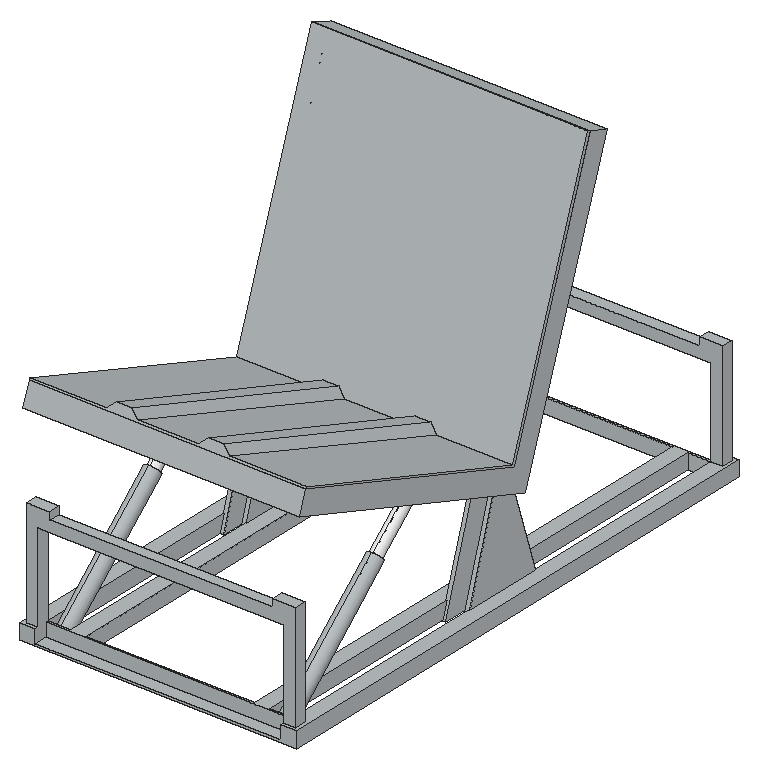
Revit family "DockEquipment_Upender_Pentalift_UE", category Specialty Equipment, Revit 2026
Family settings
  Round Connector Dimension = Use Diameter
  Part Type = Normal
  Work Plane-Based = Yes
  Enable Cutting in Views = No
  Always vertical = No
  Cut with Voids When Loaded = No
  Maintain Annotation Orientation = No
  Shared = No
  Room Calculation Point = No
Parameters
  offset [instance] = 0' - 0"
  Warranty Duration (Years) = 0
  Unit Width = 3' - 0"
  Unit Length = 6' - 0"
  URL = "http://www.pentalift.com/index.php"
  TiltVert [instance] = (1' 0" * sin(Tilt Angle)) + 1' 3"  # 1' - 7.10424"
  TiltHor [instance] = ((Unit Length / 2) - 0' 3") - (1' 0" * cos(Tilt Angle))  # 1' - 9.72369"
  Tilt Angle [instance] = 20.00°
  Specification = ""
  SpecWizard = ""
  Send Message = "http://www.arcat.com/users.pl?action=UserEmail&company=Pentalift Equipment Corp.&coid=34752&rep=119&fax=519-763-2894&mf="
  Sales Information = "http://www.pentalift.com/about-us.htm"
  Revision = "R1_01-2012"
  Product Properties = ""
  Product Data = "http://www.arcat.com/arcatcos/cos34/arc34752.html"
  Platform Width [instance] = 3' - 0"
  Platform Length [instance] = 3' - 0"
  Platform Height = 3' - 0"
  PistonLength [instance] = TiltVert / sin(PistonAngle)  # 2' - 4.92906"
  PistonAngle [instance] = atan(TiltVert / TiltHor)  # 41.329°
  Model = "As Specified"
  Material [instance] = Metal - Steel - Pentalift - Painted - Gray
  Manufacturer Website = "http://www.pentalift.com/index.php"
  Manufacturer Phone - Toll Free = ""
  Manufacturer Phone = "519-763-3625 "
  Manufacturer Fax = "519-763-2894"
  Manufacturer Address = "21 Nicholas Beaver Rd. Guelph, ON, Canada N1H 6H9 "
  Manufacturer = "Pentalift Equipment Corp."
  Maintenance Schedule (Months) = 0
  Keynote = "11160"
  Installation-Fabrication = ""
  Installation Phase = ""
  Green Building-LEED = ""
  Expected Lifespan (Years) = 0
  Drawn By = "Sumex Design, Inc. / Robert S. Weygant, CSI, CDT, SCIP"
  Description = "Pentalift Dock Equipment as Specified"
  Default Elevation = 4' - 0"
  Copyright = "©Arcat Inc."
  Construction Details = "http://www.arcat.com/details/pentalif/pentalif.html?coid=34752"
  Capacity (Weight) = 0.00 kip
  Assembly Code = "E1030300"
Reference planes (in)
  plane 1 "Center (Front/Back)": y = 0
  plane 2 "Bottom": z = 0
  plane 3 "Center (Left/Right)": x = 0
  plane 4 "Front": y = -36
  plane 5 "Back": y = 36
  plane 6 "Left": x = -18
  plane 7 "Right": x = 18
  plane 8: y = 34
  plane 9: y = -34
  plane 10: z = 2
  plane 11: z = 16
  plane 12: x = -18
  plane 13: x = 18
  plane 14: x = -11
  plane 15: x = 11
  plane 16: z = 1
  plane 17: y = -33
  plane 18: x = -14.5
  plane 19: x = 14.5
Forms (in)
  Extrusion 1, solid, material "Metal - Steel - Pentalift - Painted - Gray" <- "Material"
    sketch origin (-11.94222, 36, 48) x (-1, 0, 0) y (0, 0, 1)
      loop
        line (6.05778, -48) -> (6.05778, -46) -> (4.05778, -46) -> (4.05778, -48) -> (6.05778, -48)
      loop
        line (-29.94222, -48) -> (-27.94222, -48) -> (-27.94222, -46) -> (-29.94222, -46) -> (-29.94222, -48)
    from 0 to -72
  Extrusion 2, solid, material "Metal - Steel - Pentalift - Painted - Gray" <- "Material"
    sketch origin (-18, 16.34522, 48) x (0, 1, 0) y (0, 0, 1)
      loop
        line (-50.34522, -46) -> (-50.59522, -46) -> (-50.59522, -47.75) -> (-52.34522, -47.75) -> (-52.34522, -48) -> (-50.34522, -48) -> (-50.34522, -46)
      loop
        line (17.65478, -46) -> (17.65478, -48) -> (19.65478, -48) -> (19.65478, -47.75) -> (17.90478, -47.75) -> (17.90478, -46) -> (17.65478, -46)
    from 0 to 36
  Extrusion 3, solid, material "Metal - Steel - Pentalift - Painted - Gray" <- "Material"
    sketch origin (-38.56132, -34, 48) x (-1, 0, 0) y (0, 0, 1)
      loop
        line (-25.56132, -46) -> (-27.56132, -46) -> (-27.56132, -48) -> (-25.56132, -48) -> (-25.56132, -46)
      loop
        line (-51.56132, -46) -> (-51.56132, -48) -> (-49.56132, -48) -> (-49.56132, -46) -> (-51.56132, -46)
    from 0 to 68
  Extrusion 4, solid, material "Metal - Steel - Pentalift - Painted - Gray" <- "Material"
    sketch origin (-38.56132, -34, 48) x (-1, 0, 0) y (0, 0, 1)
      loop
        line (-21.06132, -46) -> (-21.06132, -32) -> (-24.06132, -32) -> (-24.06132, -33) -> (-53.06132, -33) -> (-53.06132, -32) -> (-56.06132, -32) -> (-56.06132, -46) -> (-54.56132, -46) -> (-54.56132, -34.5) -> (-22.56132, -34.5) -> (-22.56132, -46) -> (-21.06132, -46)
    from 0 to -1.5
  Extrusion 5, solid, material "Metal - Steel - Pentalift - Painted - Gray" <- "Material"
    sketch origin (-38.56132, 34, 48) x (-1, 0, 0) y (0, 0, 1)
      loop
        line (-21.06132, -46) -> (-21.06132, -32) -> (-24.06132, -32) -> (-24.06132, -33) -> (-53.06132, -33) -> (-53.06132, -32) -> (-56.06132, -32) -> (-56.06132, -46) -> (-54.56132, -46) -> (-54.56132, -34.5) -> (-22.56132, -34.5) -> (-22.56132, -46) -> (-21.06132, -46)
    from 0 to 1.5
  Extrusion 6, solid, material "Metal - Steel - Pentalift - Painted - Gray" <- "Material"
    sketch origin (-18, 16.34522, 48) x (0, 1, 0) y (0, 0, 1)
      loop
        arc (-15.6282, -31.78002) -> (-16.34522, -31.25) -> (-17.06223, -31.78002) r 0.75
        line (-17.06223, -31.78002) -> (-22.34522, -48) -> (-10.34522, -48) -> (-15.6282, -31.78002)
    from 2 to 2.5
  Extrusion 7, solid, material "Metal - Steel - Pentalift - Painted - Gray" <- "Material"
    sketch origin (-11, 28.23585, 48) x (0, 1, 0) y (0, 0, 1)
      loop
        arc (-27.51883, -31.78002) -> (-28.23585, -31.25) -> (-28.95286, -31.78002) r 0.75
        line (-28.95286, -31.78002) -> (-34.23585, -48) -> (-22.23585, -48) -> (-27.51883, -31.78002)
    from -2 to -2.5
  Extrusion 8, solid, material "Metal - Steel - Pentalift - Painted - Gray" <- "Material"
    sketch origin (18, 16.34522, 48) x (0, 1, 0) y (0, 0, 1)
      loop
        arc (-15.6282, -31.78002) -> (-16.34522, -31.25) -> (-17.06223, -31.78002) r 0.75
        line (-17.06223, -31.78002) -> (-22.34522, -48) -> (-10.34522, -48) -> (-15.6282, -31.78002)
    from -2 to -2.5
  Extrusion 9, solid, material "Metal - Steel - Pentalift - Painted - Gray" <- "Material"
    sketch origin (11, 26.16949, 48) x (0, 1, 0) y (0, 0, 1)
      loop
        arc (-25.45247, -31.78002) -> (-26.16949, -31.25) -> (-26.8865, -31.78002) r 0.75
        line (-26.8865, -31.78002) -> (-32.16949, -48) -> (-20.16949, -48) -> (-25.45247, -31.78002)
    from 2 to 2.5
  Revolve 10, solid, material "Metal - Steel - Pentalift - Painted - Gray" <- "Material"
    sketch origin (14.5, -33, 1) x (0, 0.75093, 0.660382) y (0, 0.660382, -0.75093)
      loop
        line (0, 0) -> (19, 0) -> (19, 1) -> (0, 1) -> (0, 0)
      axis (19, 0) -> (0, 0)
    angle from 0 to 360
  Revolve 11, solid, material "Metal - Steel - Pentalift - Painted - Gray" <- "Material"
    sketch origin (-14.5, -33, 1) x (0, 0.75093, 0.660382) y (0, 0.660382, -0.75093)
      loop
        line (0, 0) -> (19, 0) -> (19, 1) -> (0, 1) -> (0, 0)
      axis (19, 0) -> (0, 0)
    angle from 0 to 360
  Revolve 12, solid, material "Metal - Chrome - Pentalift - Polished"
    sketch origin (-14.5, -33, 1) x (0, 0.75093, 0.660382) y (0, 0.660382, -0.75093)
      loop
        line (28.92906, 0) -> (28.92906, 0.75) -> (19, 0.75) -> (19, 0) -> (28.92906, 0)
      axis (28.92906, 0) -> (19, 0)
    angle from 0 to 360
  Revolve 13, solid, material "Metal - Chrome - Pentalift - Polished"
    sketch origin (14.5, -33, 1) x (0, 0.75093, 0.660382) y (0, 0.660382, -0.75093)
      loop
        line (28.92906, 0) -> (28.92906, 0.75) -> (19, 0.75) -> (19, 0) -> (28.92906, 0)
      axis (28.92906, 0) -> (19, 0)
    angle from 0 to 360
Cuts and joins
  joined: Extrusion 1, Extrusion 2, Extrusion 3, Extrusion 4, Extrusion 5
Lines and regions (in)
  reference lines
    curve 1: line (0, 0, 16) -> (0, -23.49232, 24.5505)
    curve 2: line (14.5, -33, 1) -> (14.5, -16.29182, 15.69351)
    curve 3: line (-14.5, -33, 1) -> (-14.5, -16.29182, 15.69351)
Dimensions and locks (in)
  equal spacing: plane 6 "Left", plane 3 "Center (Left/Right)", plane 7 "Right"
  "Unit Width": plane 6 "Left" to plane 7 "Right"
  equal spacing: plane 5 "Back", plane 1 "Center (Front/Back)", plane 4 "Front"
  "Unit Length": plane 5 "Back" to plane 4 "Front"
  locked: plane 9 to plane 4 "Front" at 2
  locked: plane 5 "Back" to plane 8 at 2
  plane 10 to level = 0' - 2"
  locked: plane 11 to plane 10 at 14
  equal spacing: plane 12, plane 3 "Center (Left/Right)", plane 13
  "Platform Width": plane 12 to plane 13
  locked: plane 15 to plane 7 "Right" at 7
  locked: plane 6 "Left" to plane 14 at 7
  locked: plane 16 to level at 1
  locked: plane 17 to plane 9 at 1
  locked: curve 2 to Revolve 10 sketch curve at 19
  equal spacing: plane 15, plane 19, plane 7 "Right"
  equal spacing: plane 6 "Left", plane 18, plane 14
  "PistonLength": curve 3 to Revolve 12 sketch curve
  "PistonLength": curve 3 to Revolve 13 sketch curve
  "Tilt Angle": angle plane 11 to curve 1
  "PistonAngle": angle curve 2 to plane 16
  "PistonAngle": angle curve 3 to plane 16
  aligned and locked: Extrusion 1 to plane 4 "Front"
  aligned and locked: plane 8 to Extrusion 3
  aligned and locked: plane 7 "Right" to cut or joined group of Extrusion 1, Extrusion 2, Extrusion 3, Extrusion 4, Extrusion 5
Automatic sketch dimensions
  Extrusion 1 sketch curve to plane 7 "Right" = 0' - 0"
  Extrusion 1 sketch curve to plane 10 = 0' - 0"  (x2)
  Extrusion 1 sketch curve to level = 0' - 0"  (x2)
  Extrusion 1 sketch curve to plane 6 "Left" = 0' - 0"
  Extrusion 1 sketch curve to plane 7 "Right" = 0' - 2"
  plane 6 "Left" to Extrusion 1 sketch curve = 0' - 2"
  Extrusion 3 sketch curve to level = 0' - 0"  (x2)
  Extrusion 3 sketch curve to plane 10 = 0' - 0"  (x2)
  Extrusion 3 sketch curve to plane 15 = 0' - 0"
  Extrusion 3 sketch curve to plane 14 = 0' - 0"
  Extrusion 3 sketch curve to Extrusion 3 sketch curve = 0' - 2"  (x2)
  Extrusion 4 sketch curve to plane 10 = 0' - 0"  (x2)
  Extrusion 4 sketch curve to plane 11 = 0' - 0"  (x2)
  Extrusion 4 sketch curve to plane 7 "Right" = 0' - 0 1/2"
  Extrusion 4 sketch curve to Extrusion 4 sketch curve = 0' - 1 1/2"  (x2)
  plane 6 "Left" to Extrusion 4 sketch curve = 0' - 3 1/2"
  plane 6 "Left" to Extrusion 4 sketch curve = 0' - 2"
  plane 6 "Left" to Extrusion 4 sketch curve = 0' - 0 1/2"
  Extrusion 4 sketch curve to plane 11 = 0' - 2 1/2"
  Extrusion 4 sketch curve to plane 11 = 0' - 1"
  Extrusion 5 sketch curve to plane 10 = 0' - 0"  (x2)
  Extrusion 5 sketch curve to plane 11 = 0' - 0"  (x2)
  Extrusion 5 sketch curve to plane 7 "Right" = 0' - 0 1/2"
  Extrusion 5 sketch curve to Extrusion 5 sketch curve = 0' - 1 1/2"  (x2)
  plane 6 "Left" to Extrusion 5 sketch curve = 0' - 3 1/2"
  plane 6 "Left" to Extrusion 5 sketch curve = 0' - 2"
  plane 6 "Left" to Extrusion 5 sketch curve = 0' - 0 1/2"
  Extrusion 5 sketch curve to plane 11 = 0' - 2 1/2"
  Extrusion 5 sketch curve to plane 11 = 0' - 1"
  Extrusion 7 sketch curve to level = 0' - 0"
  Extrusion 7 sketch curve to plane 1 "Center (Front/Back)" = 0' - 0"
  Extrusion 7 sketch curve to plane 11 = 0' - 0"
  plane 11 to Extrusion 7 sketch curve = 0' - 0.21998"  (x3)
  plane 1 "Center (Front/Back)" to Extrusion 7 sketch curve = 0' - 0.71702"
  plane 1 "Center (Front/Back)" to Extrusion 7 sketch curve = 0' - 6"
  Extrusion 7 sketch curve to plane 1 "Center (Front/Back)" = 0' - 6"
  Extrusion 9 sketch curve to level = 0' - 0"
  Extrusion 9 sketch curve to plane 1 "Center (Front/Back)" = 0' - 0"
  Extrusion 9 sketch curve to plane 11 = 0' - 0"
  plane 11 to Extrusion 9 sketch curve = 0' - 0.21998"  (x3)
  plane 1 "Center (Front/Back)" to Extrusion 9 sketch curve = 0' - 0.71702"
  plane 1 "Center (Front/Back)" to Extrusion 9 sketch curve = 0' - 6"
  Extrusion 9 sketch curve to plane 1 "Center (Front/Back)" = 0' - 6"
  curve 1 to plane 1 "Center (Front/Back)" = 0' - 0"
  curve 1 to plane 11 = 0' - 0"
  Revolve 10 sketch curve to curve 2 = 0' - 0"  (x3)
  curve 2 to Revolve 10 sketch curve = 0' - 1"
  Revolve 10 sketch curve to Revolve 10 sketch curve = 1' - 7.07094"
  Revolve 10 sketch curve to Revolve 10 sketch curve = 0' - 4.53547"
  curve 2 to plane 16 = 0' - 0"
  curve 2 to plane 17 = 0' - 0"
  curve 3 to plane 16 = 0' - 0"
  curve 3 to plane 17 = 0' - 0"
  Revolve 11 sketch curve to curve 3 = 0' - 0"  (x3)
  curve 3 to Revolve 11 sketch curve = 0' - 1"
  Revolve 11 sketch curve to Revolve 11 sketch curve = 1' - 7.07094"
  Revolve 11 sketch curve to curve 3 = 0' - 7.78547"
  Revolve 11 sketch curve to curve 3 = 0' - 3 1/4"
  Revolve 12 sketch curve to curve 3 = 0' - 0"  (x2)
  Revolve 12 sketch curve to curve 3 = 1' - 7.07094"
  Revolve 12 sketch curve to curve 3 = 0' - 7.78547"
  Revolve 12 sketch curve to curve 3 = 0' - 0 3/4"
  Revolve 12 sketch curve to curve 3 = 0' - 3 1/4"
  Revolve 13 sketch curve to curve 2 = 0' - 0"  (x2)
  Revolve 13 sketch curve to curve 2 = 1' - 7.07094"
  Revolve 13 sketch curve to curve 2 = 0' - 7.78547"
  Revolve 13 sketch curve to curve 2 = 0' - 0 3/4"
  Revolve 13 sketch curve to curve 2 = 0' - 3 1/4"
  Extrusion 8 sketch curve to level = 0' - 0"
  Extrusion 8 sketch curve to plane 1 "Center (Front/Back)" = 0' - 0"
  Extrusion 8 sketch curve to plane 11 = 0' - 0"
  plane 11 to Extrusion 8 sketch curve = 0' - 0.21998"  (x3)
  plane 1 "Center (Front/Back)" to Extrusion 8 sketch curve = 0' - 0.71702"
  plane 1 "Center (Front/Back)" to Extrusion 8 sketch curve = 0' - 6"
  Extrusion 8 sketch curve to plane 1 "Center (Front/Back)" = 0' - 6"
  Extrusion 6 sketch curve to level = 0' - 0"
  Extrusion 6 sketch curve to plane 1 "Center (Front/Back)" = 0' - 0"
  Extrusion 6 sketch curve to plane 11 = 0' - 0"
  plane 11 to Extrusion 6 sketch curve = 0' - 0.21998"  (x3)
  plane 1 "Center (Front/Back)" to Extrusion 6 sketch curve = 0' - 0.71702"
  plane 1 "Center (Front/Back)" to Extrusion 6 sketch curve = 0' - 6"
  Extrusion 6 sketch curve to plane 1 "Center (Front/Back)" = 0' - 6"
  Extrusion 2 sketch curve to plane 4 "Front" = 0' - 0"
  Extrusion 2 sketch curve to plane 10 = 0' - 0"  (x2)
  Extrusion 2 sketch curve to level = 0' - 0"  (x2)
  Extrusion 2 sketch curve to plane 9 = 0' - 0"
  Extrusion 2 sketch curve to plane 8 = 0' - 0"
  Extrusion 2 sketch curve to plane 5 "Back" = 0' - 0"
  Extrusion 2 sketch curve to plane 9 = 0' - 0 1/4"
  plane 8 to Extrusion 2 sketch curve = 0' - 0 1/4"
  level to Extrusion 2 sketch curve = 0' - 0 1/4"  (x2)
Nested families (in)
  nested 1: "Bucket_Upender" at (0, -17.85416, 22.49838) x (1, 0, 0) z (0, 0.342, 0.9397), Material <- "Material", Unit Width <- "Platform Width", Unit Length <- "Platform Length", Unit Height <- "Platform Height", type "Bucket_Upender"
    with offset 0' - 0", Unit Width 3' - 0", Unit Length 3' - 0", Unit Height 3' - 0", Material Metal - Steel - Pentalift - Painted - Gray
Definition of nested family "Bucket_Upender"
  Parameters
    offset [instance] = 0' - 0"
    Warranty Duration (Years) = 0
    Unit Width [instance] = 3' - 10"
    Unit Length [instance] = 3' - 6"
    Unit Height [instance] = 3' - 0"
    URL = "http://www.pentalift.com/index.php"
    Specification = ""
    SpecWizard = ""
    Send Message = "http://www.arcat.com/users.pl?action=UserEmail&company=Pentalift Equipment Corp.&coid=34752&rep=119&fax=519-763-2894&mf="
    Sales Information = "http://www.pentalift.com/about-us.htm"
    Revision = "R1_01-2012"
    Product Properties = ""
    Product Data = "http://www.arcat.com/arcatcos/cos34/arc34752.html"
    Model = "As Specified"
    Material [instance] = none
    Manufacturer Website = "http://www.pentalift.com/index.php"
    Manufacturer Phone - Toll Free = ""
    Manufacturer Phone = "519-763-3625 "
    Manufacturer Fax = "519-763-2894"
    Manufacturer Address = "21 Nicholas Beaver Rd. Guelph, ON, Canada N1H 6H9 "
    Manufacturer = "Pentalift Equipment Corp."
    Maintenance Schedule (Months) = 0
    Keynote = "11160"
    Installation-Fabrication = ""
    Installation Phase = ""
    Green Building-LEED = ""
    Expected Lifespan (Years) = 0
    Drawn By = "Sumex Design, Inc. / Robert S. Weygant, CSI, CDT, SCIP"
    Description = "Pentalift Dock Equipment as Specified"
    Default Elevation = 4' - 0"
    Copyright = "©Arcat Inc."
    Construction Details = "http://www.arcat.com/details/pentalif/pentalif.html?coid=34752"
    Capacity (Weight) = 0.00 kip
    Assembly Code = "E1030300"
  Reference planes (in)
    plane 1 "Center (Front/Back)": y = 0
    plane 2 "Bottom": z = 1
    plane 3 "Center (Left/Right)": x = 0
    plane 4 "Front": y = -21
    plane 5 "Back": y = 21
    plane 6 "Left": x = -23
    plane 7 "Right": x = 23
    plane 8: z = 37
    plane 9: y = 22
    plane 10: z = 0
    plane 11: x = -7.66667
    plane 12: x = 7.66667
  Forms (in)
    Extrusion 1, solid, material <- "Material"
      sketch origin (-23, 0, 0) x (0, 1, 0) y (0, 0, 1)
        loop
          line (21, 37) -> (20.75, 37) -> (20.75, 1.25) -> (-21, 1.25) -> (-21, 1) -> (21, 1) -> (21, 37)
      from 0 to 46
    Extrusion 2, solid, material <- "Material"
      sketch origin (-11.94222, -21, 48) x (-1, 0, 0) y (0, 0, 1)
        loop
          line (-2.27555, -46.75) -> (-3.27555, -45.75) -> (-5.27555, -45.75) -> (-6.27555, -46.75) -> (-2.27555, -46.75)
        loop
          line (-21.60888, -46.75) -> (-17.60888, -46.75) -> (-18.60888, -45.75) -> (-20.60888, -45.75) -> (-21.60888, -46.75)
      from 0 to 42
    Sweep 3, solid, material <- "Material"
      path in 3D
        loop
          line (23, 21, 1) -> (23, 21, 37) -> (-23, 21, 37) -> (-23, 21, 1) -> (-23, -21, 1) -> (23, -21, 1) -> (23, 21, 1)
      profile origin (23, 0, 1) x (1, 0, 0) y (0, 0, -1)
        loop
          line (0, 0) -> (0, 3) -> (-2, 3) -> (-2, 0) -> (0, 0)
    Extrusion 4, solid, material <- "Material"
      sketch origin (-23, 16.34522, 48) x (0, 1, 0) y (0, 0, 1)
        loop
          circle (5.65478, -48) r 0.5
      from 0 to 46
  Cuts and joins
    joined: Extrusion 1, Extrusion 2
    joined: Sweep 3, Extrusion 4
  Lines and regions (in)
    sketch lines
      curve 1: line (23, -21, 1) -> (23, 21, 1)
      curve 2: line (23, -21, 1) -> (-23, -21, 1)
      curve 3: line (23, 21, 1) -> (23, 21, 37)
      curve 4: line (23, 21, 37) -> (-23, 21, 37)
      curve 5: line (-23, 21, 37) -> (-23, 21, 1)
      curve 6: line (-23, 21, 1) -> (-23, -21, 1)
  Dimensions and locks (in)
    equal spacing: plane 6 "Left", plane 3 "Center (Left/Right)", plane 7 "Right"
    "Unit Width": plane 6 "Left" to plane 7 "Right"
    equal spacing: plane 5 "Back", plane 1 "Center (Front/Back)", plane 4 "Front"
    "Unit Length": plane 5 "Back" to plane 4 "Front"
    "Unit Height": plane 8 to plane 2 "Bottom"
    locked: plane 2 "Bottom" to level at 1
    locked: plane 9 to plane 5 "Back" at 1
    equal spacing: plane 7 "Right", plane 12, plane 11, plane 6 "Left"
    aligned and locked: plane 7 "Right" to Extrusion 1
    aligned and locked: level to plane 10
    aligned and locked: plane 5 "Back" to Extrusion 2
    aligned and locked: plane 7 "Right" to Extrusion 4
  Automatic sketch dimensions
    Extrusion 1 sketch curve to plane 2 "Bottom" = 0' - 0"
    Extrusion 1 sketch curve to plane 4 "Front" = 0' - 0"
    Extrusion 1 sketch curve to plane 8 = 0' - 0"
    Extrusion 1 sketch curve to plane 5 "Back" = 0' - 0"
    Extrusion 1 sketch curve to plane 5 "Back" = 0' - 0 1/4"
    plane 2 "Bottom" to Extrusion 1 sketch curve = 0' - 0 1/4"
    plane 2 "Bottom" to Extrusion 2 sketch curve = 0' - 0 1/4"  (x2)
    plane 12 to Extrusion 2 sketch curve = 0' - 2"
    plane 12 to Extrusion 2 sketch curve = 0' - 1"
    Extrusion 2 sketch curve to plane 12 = 0' - 1"
    Extrusion 2 sketch curve to Extrusion 2 sketch curve = 0' - 1"  (x2)
    plane 11 to Extrusion 2 sketch curve = 0' - 2"
    plane 11 to Extrusion 2 sketch curve = 0' - 1"
    Extrusion 2 sketch curve to plane 11 = 0' - 1"
    plane 2 "Bottom" to Extrusion 2 sketch curve = 0' - 1 1/4"  (x2)
    Sweep 3 sketch curve to profile plane = 0' - 0"  (x2)
    profile plane to Sweep 3 sketch curve = 0' - 2"
    profile plane to Sweep 3 sketch curve = 0' - 3"
    Extrusion 4 sketch curve to level = 0' - 0"
    Extrusion 4 sketch curve to plane 9 = 0' - 0"
    radius of Extrusion 4 sketch curve = 0' - 0 1/2"
